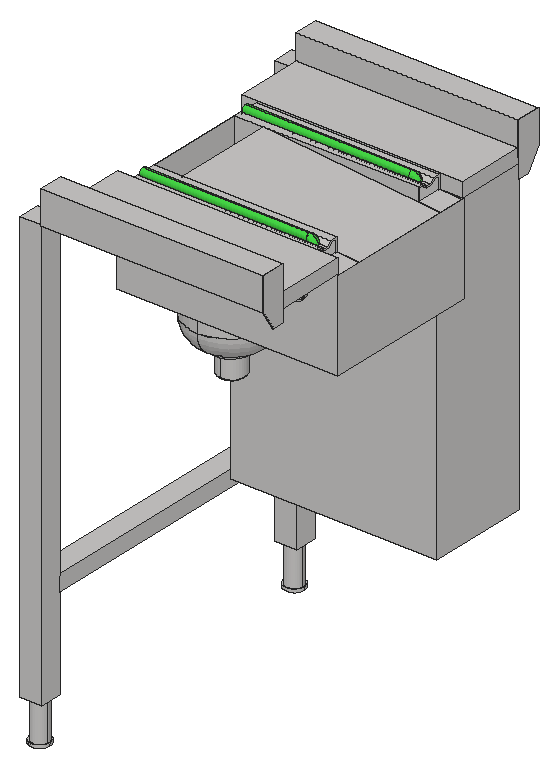
Revit family "QF_ELECTROLUXPROFESSIONAL_863168_HSBCCDURL4", category Specialty Equipment, Revit 2018
Family settings
  Round Connector Dimension = Use Diameter
  Part Type = Normal
  Work Plane-Based = No
  Always vertical = Yes
  Cut with Voids When Loaded = No
  Shared = No
  Room Calculation Point = No
Parameters (values of type "QF_ELECTROLUX_863168_HSBCCDURL4")
  Weight = 40.00 kg
  Watts = 27.8709 W
  Volts = 230 V
  URL Manufacturer = "http://professional.electrolux.com"
  URL = "http://professional.electrolux.com"
  Steam Supply Size = 0 mm
  Steam Supply Minimum Pressure = 0.0 Pa
  Steam Supply Maximum Pressure = 0.0 Pa
  Steam Pounds per Hour = 0
  Refrigeration Suction Line Size = 0 mm
  Refrigeration Liquid Line Size = 0 mm
  Refrigerant Compressor Remote = yes
  Manufacturer = "Electrolux"
  Phase = 1
  Model = "HSBCCDURL4"
  Length Actual = 400 mm  # constant formula
  Item Number = "863168"
  Hot Water Size = 0 mm
  Height Actual = 910 mm  # constant formula
  HP = "0.4 HP"
  Gas Size = 0 mm
  Gas KW = 0
  Gas Input Pressure = 0 W
  Description = "DRIVE UNIT OF CORD CONVEYOR FOR BASKETS, RIGHT>LEFT OPERATION"
  Depth Actual = 620 mm  # constant formula
  Cycle = 60 Hz
  Condensate Return Size = 0 mm
  Compressed Air Volume = 0.0 L/s
  Compressed Air Size = 0 mm
  Compressed Air Pressure = 0.0 Pa
  Cold Water Size = 0 mm
  Accessory = yes
Types (2, lengths in mm): name | URL | Manufacturer | Phase | Model | Description
  (no name) | 0 | 0 | 0 | 0 | 0
  QF_ELECTROLUX_863168_HSBCCDURL4 | "http://professional.electrolux.com" | "Electrolux" | 1 | "HSBCCDURL4" | "DRIVE UNIT OF CORD CONVEYOR FOR BASKETS, RIGHT>LEFT OPERATION"
Values of the unnamed type that differ from the named types
  Watts = 0 W
  Volts = 0 V
  URL Manufacturer = ""
  Item Number = ""
  HP = ""
  Cycle = 0 Hz
Reference planes
  plane 1 "Centro (Fronte/Retro)": y = 74.737
  plane 2: z = 0
  plane 3 "LEFT": x = -1038.761
  plane 4 "BACK": y = 384.737
  plane 5 "FRONT": y = -235.263
  plane 6: z = 910
  plane 7 "RIGHT": x = -638.761
Forms (mm)
  Extrusion 1, solid, material "QF_Finishes_Stainless Steel"
    sketch origin (0, 74.737, -30) x (1, 0, 0) y (0, 0, -1)
      loop
        line (-1079.929, -300) -> (-1039.929, -300) -> (-1039.929, -270) -> (-1079.929, -270) -> (-1079.929, -300)
    from -266.504 to 266.46
  Extrusion 2, solid, material "QF_Finishes_Stainless Steel"
    sketch origin (11.239, 149.474, 0) x (0, -1, 0) y (0, 0, -1)
      loop
        line (-235.263, -910) -> (-190.242, -910) -> (-190.242, -850.033) -> (-235.263, -850.033) -> (-235.263, -910)
      loop
        line (384.737, -910) -> (384.737, -850.033) -> (339.716, -850.033) -> (339.716, -910) -> (384.737, -910)
    from -1051.168 to -651.2
  Extrusion 3, solid, material "QF_Finishes_Stainless Steel"
    sketch origin (11.239, 149.474, 0) x (0, -1, 0) y (0, 0, -1)
      loop
        line (-66.554, -838.074) -> (-65.069, -838.074) -> (-65.069, -678) -> (214.543, -678) -> (214.543, -838.074) -> (216.072, -838.074) -> (216.072, -675) -> (-66.554, -675) -> (-66.554, -838.074)
    from -1048.8 to -651.2
  Extrusion 4, solid, material "QF_Finishes_Stainless Steel"
    sketch origin (661.239, -573.779, 4000) x (0, -1, 0) y (0, 0, -1)
      loop
        line (-958.516, 3090) -> (-913.495, 3090) -> (-913.495, 3185.632) -> (-934.752, 3185.632) -> (-958.516, 3149.967) -> (-958.516, 3090)
      loop
        line (-338.516, 3090) -> (-338.516, 3149.967) -> (-362.281, 3185.632) -> (-383.538, 3185.632) -> (-383.538, 3090) -> (-338.516, 3090)
      loop
        line (-789.808, 3325) -> (-789.808, 3163.769) -> (-507.182, 3163.769) -> (-507.182, 3325) -> (-789.808, 3325)
    from -1300 to -1301.2
  Revolve 5, solid, material "QF_Finishes_Stainless Steel"
    sketch origin (-943.761, 149.474, 56.967) x (0, -1, 0) y (0, 0, -1)
      loop
        line (74.737, -618.033) -> (74.737, -454.059) -> (52.727, -454.059) -> (51.25, -455.535) -> (51.25, -491.407) -> (37.487, -497.398) -> (36.296, -500.684) -> (36.296, -503.17)
        arc (36.296, -503.17) -> (8.91, -520.632) -> (-1.756, -551.31) r 49.497
        line (-1.756, -551.31) -> (-1.756, -594.125) -> (0.351, -594.125)
        arc (0.351, -594.125) -> (3.64, -597.973) -> (0.354, -601.823) r 3.897
        line (0.354, -601.823) -> (-1.756, -601.823) -> (-1.756, -618.033) -> (74.737, -618.033)
      axis (74.737, -454.059) -> (74.737, -618.033)
    angle from 0 to 360
  Extrusion 6, solid, material "QF_Finishes_Stainless Steel"
    sketch origin (-537.561, -573.779, 4000) x (0, -1, 0) y (0, 0, -1)
      loop
        line (-788.322, 3161.926) -> (-508.711, 3161.926) -> (-508.711, 3325) -> (-788.322, 3325) -> (-788.322, 3161.926)
    from -500 to -501.2
  Extrusion 7, solid, material "QF_Finishes_Stainless Steel"
    sketch origin (-638.761, -573.779, 4000) x (0, -1, 0) y (0, 0, -1)
      loop
        line (-554.766, 3322) -> (-556.766, 3322) -> (-556.766, 3137.426) -> (-543.938, 3137.426) -> (-536.867, 3144.497) -> (-528.61, 3144.497) -> (-521.539, 3137.426) -> (-508.711, 3137.426) -> (-508.711, 3322) -> (-510.711, 3322) -> (-510.711, 3139.426) -> (-520.711, 3139.426) -> (-527.782, 3146.497) -> (-537.695, 3146.497) -> (-544.766, 3139.426) -> (-554.766, 3139.426) -> (-554.766, 3322)
    from -42.135 to -372.107
  Extrusion 8, solid, material "QF_Finishes_Stainless Steel"
    sketch origin (-638.761, 723.253, 4000) x (0, 1, 0) y (0, 0, 1)
      loop
        line (-554.766, -3322) -> (-554.766, -3139.426) -> (-544.766, -3139.426) -> (-537.695, -3146.497) -> (-527.782, -3146.497) -> (-520.711, -3139.426) -> (-510.711, -3139.426) -> (-510.711, -3322) -> (-508.711, -3322) -> (-508.711, -3137.426) -> (-521.539, -3137.426) -> (-528.61, -3144.497) -> (-536.867, -3144.497) -> (-543.938, -3137.426) -> (-556.766, -3137.426) -> (-556.766, -3322) -> (-554.766, -3322)
    from -42.135 to -372.107
  Sweep 9, solid, material "QF_Finishes_Green"
    path origin (0, -19.013, 0) x (1, 0, 0) y (0, 0, -1)
      loop
        line (-1010.868, -858.082) -> (-710.868, -858.082)
        arc (-710.868, -858.082) -> (-706.488, -853.703) -> (-710.868, -849.324) r 4.379
        line (-710.868, -849.324) -> (-1010.868, -849.324)
    profile origin (-860.868, -19.013, 858.082) x (0, 0, -1) y (0, 1, 0)
      loop
        circle (-4.375, -21.875) r 7
  Extrusion 10, solid, material "QF_Finishes_Stainless Steel"
    sketch origin (0, 149.474, 0) x (1, 0, 0) y (0, 1, 0)
      loop
        line (-639.961, 190.242) -> (-1037.561, 190.242) -> (-1037.561, 65.069) -> (-639.961, 65.069) -> (-639.961, 190.242)
    from 838.074 to 864.923
  Extrusion 11, solid, material "QF_Finishes_Stainless Steel"
    sketch origin (0, 0, 0) x (1, 0, 0) y (0, 1, 0)
      loop
        line (-639.961, -190.242) -> (-639.961, -65.069) -> (-1037.561, -65.069) -> (-1037.561, -190.242) -> (-639.961, -190.242)
    from 838.074 to 864.923
  Extrusion 12, solid, material "QF_Finishes_Stainless Steel"
    sketch origin (-638.761, 166.487, 621.033) x (0, 0, 1) y (-1, 0, 0)
      loop
        line (241.541, 320.794) -> (238.531, 320.794) -> (211.77, 1.2) -> (214.781, 1.2) -> (241.541, 320.794)
    from 0 to 183.5
  Extrusion 13, solid, material "QF_Finishes_Stainless Steel"
    sketch origin (-638.761, -17.013, 621.033) x (0, 0, 1) y (-1, 0, 0)
      loop
        line (218.209, 42.135) -> (215.198, 42.135) -> (211.77, 1.2) -> (214.781, 1.2) -> (218.209, 42.135)
    from 0 to 48.056
  Extrusion 14, solid, material "QF_Finishes_Stainless Steel"
    sketch origin (-638.761, 166.487, 621.033) x (0, 0, 1) y (1, 0, 0)
      loop
        line (218.209, -42.135) -> (214.781, -1.2) -> (211.77, -1.2) -> (215.198, -42.135) -> (218.209, -42.135)
    from 0 to 48.056
  Sweep 15, solid, material "QF_Finishes_Green"
    path origin (0, 168.487, 0) x (1, 0, 0) y (0, 0, 1)
      loop
        line (-1010.868, 858.082) -> (-710.868, 858.082)
        arc (-710.868, 858.082) -> (-706.488, 853.703) -> (-710.868, 849.324) r 4.379
        line (-710.868, 849.324) -> (-1010.868, 849.324)
    profile origin (-860.868, 168.487, 858.082) x (0, 0, 1) y (0, -1, 0)
      loop
        circle (4.375, -21.875) r 7
  Extrusion 16, solid, material "QF_Finishes_Stainless Steel"
    sketch origin (-1079.929, 381.245, 850.033) x (0, 0, -1) y (0, -1, 0)
      loop
        line (570.033, 40) -> (570.033, 225) -> (175.033, 225) -> (175.033, 165.216) -> (11.959, 165.216) -> (11.959, 40) -> (570.033, 40)
    from -439.968 to -69.061
  Extrusion 17, solid, material "QF_Finishes_Stainless Steel"
    sketch origin (11.239, -66.598, 862.626) x (0, 0, -1) y (1, 0, 0)
      loop
        circle (71.992, -765.403) r 30
      loop
        circle (71.992, -765.403) r 27.49
    from 0 to 14.167
  Extrusion 18, solid, material "QF_Finishes_Stainless Steel"
    sketch origin (11.239, -66.598, 862.626) x (0, 0, -1) y (1, 0, 0)
      loop
        circle (73.488, -764.98) r 15
      loop
        circle (73.488, -764.98) r 12.291
    from 0 to 22.028
  Extrusion 19, solid, material "QF_Finishes_Stainless Steel"
    sketch origin (-638.761, -65.069, 621.033) x (0, 0, -1) y (1, 0, 0)
      loop
        circle (-168.106, -114.98) r 12.291
    from 0 to 21.577
  Extrusion 20, solid, material "QF_Finishes_Stainless Steel"
    sketch origin (-638.761, -65.069, 621.033) x (0, 0, -1) y (1, 0, 0)
      loop
        line (-180.095, -64.916) -> (-197.043, -103.28)
        arc (-197.043, -103.28) -> (-198.955, -109.208) -> (-199.601, -115.403) r 30
        arc (-199.601, -115.403) -> (-198.969, -121.638) -> (-197.098, -127.619) r 31.053
        line (-197.098, -127.619) -> (-180.095, -165.889)
        arc (-180.095, -165.889) -> (-168.731, -173.275) -> (-157.367, -165.889) r 12.435
        line (-157.367, -165.889) -> (-140.364, -127.619)
        arc (-140.364, -127.619) -> (-138.493, -121.638) -> (-137.86, -115.403) r 31.053
        arc (-137.86, -115.403) -> (-138.507, -109.208) -> (-140.419, -103.28) r 30
        line (-140.419, -103.28) -> (-157.367, -64.916)
        arc (-157.367, -64.916) -> (-168.731, -57.53) -> (-180.095, -64.916) r 12.435
      loop
        line (-198.872, -128.334) -> (-181.923, -166.701)
        arc (-181.923, -166.701) -> (-168.731, -175.275) -> (-155.539, -166.701) r 14.435
        line (-155.539, -166.701) -> (-138.531, -128.418)
        arc (-138.531, -128.418) -> (-136.535, -122.046) -> (-135.86, -115.403) r 33.053
        arc (-135.86, -115.403) -> (-136.55, -108.795) -> (-138.59, -102.472) r 32
        line (-138.59, -102.472) -> (-155.538, -64.106)
        arc (-155.538, -64.106) -> (-168.731, -55.53) -> (-181.924, -64.106) r 14.435
        line (-181.924, -64.106) -> (-198.872, -102.472)
        arc (-198.872, -102.472) -> (-200.912, -108.795) -> (-201.601, -115.403) r 32
        arc (-201.601, -115.403) -> (-200.912, -122.011) -> (-198.872, -128.334) r 32
    from 1.529 to 6.738
  Extrusion 21, solid, material "QF_Finishes_Stainless Steel"
    sketch origin (-638.761, -65.069, 621.033) x (0, 0, -1) y (1, 0, 0)
      loop
        circle (-168.731, -69.965) r 12.435
      loop
        circle (-168.731, -160.84) r 12.435
    from 1.529 to 6.738
Lines and regions (mm)
  Split face 1
    outline origin (-639.961, 214.543, 678) x (-1, 0, 0) y (0, -1, 0)
      loop
        circle (303.8, 139.806) r 74.384
  Split face 2
    outline origin (-639.961, 214.543, 678) x (-1, 0, 0) y (0, -1, 0)
      loop
        circle (303.8, 139.806) r 54.384
  Split face 3
    outline origin (-639.961, 214.543, 678) x (-1, 0, 0) y (0, -1, 0)
      loop
        circle (303.8, 139.806) r 34.384
  Split face 4
    outline origin (-639.961, 214.543, 678) x (-1, 0, 0) y (0, -1, 0)
      loop
        circle (303.8, 139.806) r 14.384
  symbolic lines
    curve 1: line (-638.761, -235.263, 0) -> (-1038.761, -235.263, 0)
    curve 2: line (-1038.761, -235.263, 0) -> (-1038.761, 384.737, 0)
    curve 3: line (-1038.761, -190.242, 0) -> (-638.761, -190.242, 0)
    curve 4: line (-1038.761, 384.737, 0) -> (-638.761, 384.737, 0)
    curve 5: line (-638.761, 384.737, 0) -> (-638.761, 212.543, 0)
    curve 6: line (-638.761, 339.716, 0) -> (-1038.761, 339.716, 0)
    curve 7: line (-638.761, 74.737, 0) -> (-668.761, 74.737, 0)
    curve 8: line (-1038.761, 74.737, 0) -> (-1008.761, 74.737, 0)
    curve 9: arc (-959.555, 149.582, 0) -> (-1020.254, 74.737, 0) -> (-959.555, -0.108, 0) r 76.494
    curve 10: arc (-959.555, 59.408, 0) -> (-965.771, 74.737, 0) -> (-959.555, 90.066, 0) r 22.01
    curve 11: line (-639.961, -63.069, 0) -> (-638.761, -63.069, 0)
    curve 12: line (-639.961, -65.069, 0) -> (-1038.761, -65.069, 0)
    curve 13: line (-1010.868, -65.069, 0) -> (-1010.868, -17.013, 0)
    curve 14: line (-1010.868, -17.013, 0) -> (-639.961, -17.013, 0)
    curve 15: line (-639.961, -17.013, 0) -> (-639.961, -65.069, 0)
    curve 16: line (-954.961, -47.888, 0) -> (-639.961, -47.888, 0)
    curve 17: line (-954.961, -33.888, 0) -> (-639.961, -33.888, 0)
    curve 18: arc (-954.961, -47.888, 0) -> (-959.911, -45.838, 0) -> (-961.961, -40.888, 0) r 7
    curve 19: arc (-961.961, -40.888, 0) -> (-959.911, -35.938, 0) -> (-954.961, -33.888, 0) r 7
    curve 20: line (-638.761, -19.013, 0) -> (-639.961, -19.013, 0)
    curve 21: line (-638.761, 168.487, 0) -> (-638.761, -19.013, 0)
    curve 22: line (-639.961, 212.543, 0) -> (-638.761, 212.543, 0)
    curve 23: line (-639.961, 214.543, 0) -> (-1010.868, 214.543, 0)
    curve 24: line (-1010.868, 214.543, 0) -> (-1010.868, 166.487, 0)
    curve 25: line (-1038.761, 166.487, 0) -> (-639.961, 166.487, 0)
    curve 26: line (-639.961, 166.487, 0) -> (-639.961, 214.543, 0)
    curve 27: line (-954.961, 197.362, 0) -> (-639.961, 197.362, 0)
    curve 28: line (-954.961, 183.362, 0) -> (-639.961, 183.362, 0)
    curve 29: arc (-954.961, 197.362, 0) -> (-959.911, 195.312, 0) -> (-961.961, 190.362, 0) r 7
    curve 30: arc (-961.961, 190.362, 0) -> (-959.911, 185.412, 0) -> (-954.961, 183.362, 0) r 7
    curve 31: line (-638.761, 168.487, 0) -> (-639.961, 168.487, 0)
    curve 32: line (-638.761, -63.069, 0) -> (-638.761, -235.263, 0)
    curve 33: line (-959.555, -17.013, 0) -> (-959.555, 166.487, 0)
Dimensions and locks
  plane 3 "LEFT" to plane 7 "RIGHT" = 400 mm
  equal spacing: plane 4 "BACK", plane 1 "Centro (Fronte/Retro)", plane 5 "FRONT"
  plane 4 "BACK" to plane 5 "FRONT" = 620 mm
  plane 6 to level = 910 mm
  aligned and locked: level to plane 2
Automatic sketch dimensions
  curve 9 to curve 10 = 0 mm  (x2)
  curve 18 to curve 19 = 0 mm  (x2)
  curve 29 to curve 30 = 0 mm  (x2)
  curve 25 to plane 3 "LEFT" = 0 mm
  plane 1 "Centro (Fronte/Retro)" to curve 8 = 0 mm
  plane 1 "Centro (Fronte/Retro)" to curve 9 = 0 mm
  plane 1 "Centro (Fronte/Retro)" to curve 7 = 0 mm
  curve 11 to plane 7 "RIGHT" = 0 mm
  curve 22 to plane 7 "RIGHT" = 0 mm
  curve 21 to plane 7 "RIGHT" = 0 mm
  curve 1 to plane 5 "FRONT" = 0 mm
  curve 2 to plane 4 "BACK" = 0 mm
  plane 3 "LEFT" to curve 24 = 27.893 mm
  plane 3 "LEFT" to curve 13 = 27.893 mm
  curve 24 to curve 28 = 55.907 mm
  curve 13 to curve 16 = 55.907 mm
  plane 3 "LEFT" to curve 9 = 95 mm
  curve 15 to plane 7 "RIGHT" = 1.2 mm
  curve 23 to plane 7 "RIGHT" = 1.2 mm
  plane 1 "Centro (Fronte/Retro)" to curve 15 = 139.806 mm
  curve 12 to curve 11 = 2 mm
  curve 13 to curve 16 = 17.181 mm
  curve 16 to curve 19 = 7 mm
  curve 17 to curve 20 = 14.875 mm
  curve 13 to curve 13 = 48.056 mm
  curve 26 to plane 1 "Centro (Fronte/Retro)" = 91.75 mm
  curve 25 to curve 31 = 2 mm
  curve 33 to curve 28 = 16.875 mm
  curve 28 to curve 29 = 7 mm
  curve 27 to curve 5 = 15.181 mm
  curve 22 to curve 23 = 2 mm
  plane 3 "LEFT" to curve 8 = 30 mm
  curve 10 to curve 9 = 15.794 mm
  curve 7 to curve 7 = 30 mm
  curve 1 to curve 3 = 45.021 mm
  curve 33 to curve 9 = 16.905 mm
  plane 1 "Centro (Fronte/Retro)" to curve 10 = 15.329 mm
  curve 6 to plane 4 "BACK" = 45.021 mm
  Extrusion 1 sketch curve to plane 3 "LEFT" = 41.168 mm
  Extrusion 1 sketch curve to plane 3 "LEFT" = 1.168 mm
  level to Extrusion 1 sketch curve = 270 mm
  Extrusion 1 sketch curve to Extrusion 1 sketch curve = 30 mm
  Extrusion 2 sketch curve to plane 4 "BACK" = 0 mm
  Extrusion 2 sketch curve to plane 6 = 0 mm  (x2)
  Extrusion 2 sketch curve to plane 5 "FRONT" = 0 mm
  Extrusion 2 sketch curve to plane 4 "BACK" = 45.021 mm
  plane 5 "FRONT" to Extrusion 2 sketch curve = 45.021 mm
  Extrusion 2 sketch curve to Extrusion 2 sketch curve = 59.967 mm  (x2)
  Extrusion 3 sketch curve to plane 1 "Centro (Fronte/Retro)" = 141.292 mm
  Extrusion 3 sketch curve to Extrusion 3 sketch curve = 1.486 mm
  plane 1 "Centro (Fronte/Retro)" to Extrusion 3 sketch curve = 139.806 mm
  Extrusion 3 sketch curve to Extrusion 3 sketch curve = 1.529 mm
  Extrusion 3 sketch curve to plane 6 = 71.926 mm  (x2)
  Extrusion 3 sketch curve to Extrusion 3 sketch curve = 160.074 mm
  Extrusion 3 sketch curve to Extrusion 3 sketch curve = 3 mm
  Extrusion 4 sketch curve to plane 4 "BACK" = 0 mm
  Extrusion 4 sketch curve to plane 6 = 0 mm  (x2)
  Extrusion 4 sketch curve to plane 5 "FRONT" = 0 mm
  Extrusion 4 sketch curve to plane 4 "BACK" = 23.764 mm
  Extrusion 4 sketch curve to plane 4 "BACK" = 45.021 mm
  Extrusion 4 sketch curve to Extrusion 4 sketch curve = 123.687 mm
  plane 1 "Centro (Fronte/Retro)" to Extrusion 4 sketch curve = 141.335 mm
  plane 5 "FRONT" to Extrusion 4 sketch curve = 45.021 mm
  Extrusion 4 sketch curve to Extrusion 4 sketch curve = 21.257 mm
  Extrusion 4 sketch curve to Extrusion 4 sketch curve = 59.967 mm  (x2)
  Extrusion 4 sketch curve to plane 6 = 73.769 mm
  Extrusion 4 sketch curve to Extrusion 4 sketch curve = 35.665 mm  (x2)
  Extrusion 4 sketch curve to Extrusion 4 sketch curve = 161.231 mm
  Revolve 5 sketch curve to plane 1 "Centro (Fronte/Retro)" = 0 mm  (x2)
  Revolve 5 sketch curve to plane 1 "Centro (Fronte/Retro)" = 22.01 mm
  Revolve 5 sketch curve to plane 1 "Centro (Fronte/Retro)" = 23.487 mm
  Revolve 5 sketch curve to plane 1 "Centro (Fronte/Retro)" = 26.996 mm
  Revolve 5 sketch curve to Revolve 5 sketch curve = 13.764 mm
  Revolve 5 sketch curve to Revolve 5 sketch curve = 1.191 mm
  Revolve 5 sketch curve to Revolve 5 sketch curve = 47.387 mm
  Revolve 5 sketch curve to Revolve 5 sketch curve = 0.003 mm
  Revolve 5 sketch curve to Revolve 5 sketch curve = 0.61 mm
  Revolve 5 sketch curve to Revolve 5 sketch curve = 2.107 mm
  Revolve 5 sketch curve to Revolve 5 sketch curve = 2.11 mm
  Revolve 5 sketch curve to plane 6 = 235 mm
  Revolve 5 sketch curve to Revolve 5 sketch curve = 16.21 mm
  Revolve 5 sketch curve to Revolve 5 sketch curve = 3.849 mm
  Revolve 5 sketch curve to Revolve 5 sketch curve = 42.799 mm
  Revolve 5 sketch curve to Revolve 5 sketch curve = 42.815 mm
  Revolve 5 sketch curve to Revolve 5 sketch curve = 2.486 mm
  Revolve 5 sketch curve to Revolve 5 sketch curve = 3.286 mm
  Revolve 5 sketch curve to Revolve 5 sketch curve = 5.991 mm
  Revolve 5 sketch curve to Revolve 5 sketch curve = 35.872 mm
  Revolve 5 sketch curve to Revolve 5 sketch curve = 1.476 mm
  Revolve 5 sketch curve to Revolve 5 sketch curve = 3 mm
  Revolve 5 sketch curve to Revolve 5 sketch curve = 14.991 mm
  Extrusion 6 sketch curve to plane 1 "Centro (Fronte/Retro)" = 139.806 mm
  plane 1 "Centro (Fronte/Retro)" to Extrusion 6 sketch curve = 139.806 mm
  Extrusion 6 sketch curve to plane 6 = 71.926 mm
  Extrusion 6 sketch curve to Extrusion 6 sketch curve = 163.074 mm
  Extrusion 7 sketch curve to Extrusion 4 = 3 mm  (x2)
  Extrusion 7 sketch curve to Extrusion 4 = 49.585 mm
  Extrusion 7 sketch curve to Extrusion 7 sketch curve = 2 mm  (x4)
  Extrusion 7 sketch curve to Extrusion 7 sketch curve = 10 mm
  Extrusion 7 sketch curve to Extrusion 7 sketch curve = 0.828 mm  (x4)
  Extrusion 7 sketch curve to Extrusion 7 sketch curve = 7.071 mm  (x3)
  Extrusion 7 sketch curve to Extrusion 7 sketch curve = 8.257 mm
  Extrusion 7 sketch curve to Extrusion 4 = 3.529 mm
  Extrusion 7 sketch curve to Extrusion 4 = 1.529 mm
  Extrusion 4 to Extrusion 7 sketch curve = 17.272 mm
  Extrusion 7 sketch curve to Extrusion 7 sketch curve = 5.071 mm
  Extrusion 8 sketch curve to Extrusion 4 = 3 mm  (x2)
  Extrusion 8 sketch curve to Extrusion 4 = 49.542 mm
  Extrusion 8 sketch curve to Extrusion 8 sketch curve = 2 mm  (x4)
  Extrusion 8 sketch curve to Extrusion 8 sketch curve = 10 mm
  Extrusion 8 sketch curve to Extrusion 8 sketch curve = 0.828 mm  (x4)
  Extrusion 8 sketch curve to Extrusion 8 sketch curve = 7.071 mm  (x3)
  Extrusion 8 sketch curve to Extrusion 8 sketch curve = 8.257 mm
  Extrusion 8 sketch curve to Extrusion 4 = 3.486 mm
  Extrusion 8 sketch curve to Extrusion 4 = 1.486 mm
  Extrusion 4 to Extrusion 8 sketch curve = 17.272 mm
  Extrusion 8 sketch curve to Extrusion 8 sketch curve = 5.071 mm
  Sweep 9 sketch curve to plane 7 "RIGHT" = 72.107 mm
  Sweep 9 sketch curve to plane 6 = 51.918 mm
  Sweep 9 sketch curve to Sweep 9 sketch curve = 4.379 mm
  plane 3 "LEFT" to Sweep 9 sketch curve = 27.893 mm
  Sweep 9 sketch curve to Sweep 9 sketch curve = 0 mm
  profile plane to Sweep 9 sketch curve = 4.375 mm
  Sweep 9 sketch curve to profile plane = 21.875 mm
  Extrusion 10 sketch curve to plane 3 "LEFT" = 1.2 mm
  plane 7 "RIGHT" to Extrusion 10 sketch curve = 1.2 mm
  plane 4 "BACK" to Extrusion 10 sketch curve = 45.021 mm
  Extrusion 10 sketch curve to Extrusion 10 sketch curve = 125.173 mm
  plane 3 "LEFT" to Extrusion 11 sketch curve = 1.2 mm
  Extrusion 11 sketch curve to plane 7 "RIGHT" = 1.2 mm
  plane 5 "FRONT" to Extrusion 11 sketch curve = 45.021 mm
  Extrusion 11 sketch curve to Extrusion 11 sketch curve = 125.173 mm
  Extrusion 12 sketch curve to Extrusion 8 = 0 mm
  Extrusion 8 to Extrusion 12 sketch curve = 3.01 mm
  Extrusion 8 to Extrusion 12 sketch curve = 26.76 mm
  Extrusion 12 sketch curve to Extrusion 12 sketch curve = 3.01 mm
  Extrusion 12 sketch curve to Extrusion 8 = 40.935 mm
  Extrusion 8 to Extrusion 12 sketch curve = 51.312 mm
  Extrusion 12 to Extrusion 13 sketch curve = 0 mm  (x2)
  Extrusion 13 sketch curve to Extrusion 12 = 0 mm  (x3)
  Extrusion 13 sketch curve to Extrusion 12 = 40.935 mm
  Extrusion 14 sketch curve to plane 7 "RIGHT" = 1.2 mm
  Extrusion 14 sketch curve to plane 6 = 77.197 mm
  Extrusion 14 sketch curve to Extrusion 14 sketch curve = 3.01 mm  (x2)
  Extrusion 14 sketch curve to Extrusion 14 sketch curve = 0.417 mm
  Extrusion 14 sketch curve to Extrusion 14 sketch curve = 40.935 mm
  Sweep 15 sketch curve to plane 7 "RIGHT" = 72.107 mm
  Sweep 15 sketch curve to plane 6 = 60.676 mm
  Sweep 15 sketch curve to Sweep 15 sketch curve = 4.379 mm
  plane 3 "LEFT" to Sweep 15 sketch curve = 27.893 mm
  Sweep 15 sketch curve to Sweep 15 sketch curve = 0 mm
  Sweep 15 sketch curve to profile plane = 4.375 mm
  Sweep 15 sketch curve to profile plane = 21.875 mm
  Extrusion 16 sketch curve to nested 2 = 0 mm
  nested 2 to Extrusion 16 sketch curve = 11.959 mm
  Extrusion 16 sketch curve to Extrusion 16 sketch curve = 163.074 mm
  nested 2 to Extrusion 16 sketch curve = 205 mm
  nested 2 to Extrusion 16 sketch curve = 125.216 mm
  Extrusion 16 sketch curve to Extrusion 16 sketch curve = 185 mm
  Split face 1 sketch curve to Split face 1 sketch curve = 0 mm  (x2)
  Split face 1 sketch curve to Extrusion 3 = 93.8 mm
  Extrusion 3 to Split face 1 sketch curve = 139.806 mm
  Extrusion 3 to Split face 1 sketch curve = 65.422 mm
  Split face 2 sketch curve to Split face 2 sketch curve = 0 mm  (x2)
  Split face 2 sketch curve to Extrusion 3 = 93.8 mm
  Extrusion 3 to Split face 2 sketch curve = 139.806 mm
  Split face 2 sketch curve to Split face 2 sketch curve = 54.384 mm
  Split face 3 sketch curve to Split face 3 sketch curve = 0 mm  (x2)
  Split face 3 sketch curve to Extrusion 3 = 93.8 mm
  Extrusion 3 to Split face 3 sketch curve = 139.806 mm
  Split face 3 sketch curve to Split face 3 sketch curve = 34.384 mm
  Split face 4 sketch curve to Split face 4 sketch curve = 0 mm  (x2)
  Split face 4 sketch curve to Extrusion 3 = 93.8 mm
  Extrusion 3 to Split face 4 sketch curve = 139.806 mm
  Split face 4 sketch curve to Split face 4 sketch curve = 14.384 mm
  Extrusion 17 sketch curve to Extrusion 17 sketch curve = 0 mm  (x2)
  Extrusion 17 sketch curve to Extrusion 3 = 47.44 mm
  Extrusion 3 to Extrusion 17 sketch curve = 114.203 mm
  Extrusion 18 sketch curve to Extrusion 18 sketch curve = 0 mm  (x2)
  Extrusion 18 sketch curve to Extrusion 3 = 48.935 mm
  Extrusion 3 to Extrusion 18 sketch curve = 113.78 mm
  Extrusion 19 sketch curve to Extrusion 19 sketch curve = 0 mm  (x2)
  Extrusion 19 sketch curve to Extrusion 7 = 73.435 mm
  Extrusion 7 to Extrusion 19 sketch curve = 72.845 mm
  Extrusion 19 sketch curve to Extrusion 19 sketch curve = 12.291 mm
  Extrusion 20 sketch curve to Extrusion 20 sketch curve = 0 mm  (x16)
  Extrusion 20 sketch curve to Extrusion 7 = 42.669 mm
  Extrusion 20 sketch curve to Extrusion 20 sketch curve = 1.775 mm
  Extrusion 20 sketch curve to Extrusion 20 sketch curve = 1.829 mm  (x3)
  Extrusion 7 to Extrusion 20 sketch curve = 21.971 mm  (x2)
  Extrusion 20 sketch curve to Extrusion 20 sketch curve = 16.949 mm
  Extrusion 20 sketch curve to Extrusion 20 sketch curve = 15.175 mm
  Extrusion 20 sketch curve to Extrusion 20 sketch curve = 1.828 mm  (x2)
  Extrusion 7 to Extrusion 20 sketch curve = 22.781 mm  (x2)
  Extrusion 20 sketch curve to Extrusion 20 sketch curve = 27.441 mm  (x2)
  Extrusion 20 sketch curve to Extrusion 20 sketch curve = 0.688 mm  (x2)
  Extrusion 20 sketch curve to Extrusion 20 sketch curve = 11.364 mm  (x3)
  Extrusion 20 sketch curve to Extrusion 20 sketch curve = 0.365 mm
  Extrusion 20 sketch curve to Extrusion 20 sketch curve = 0.055 mm
  Extrusion 20 sketch curve to Extrusion 20 sketch curve = 1.833 mm
  Extrusion 20 sketch curve to Extrusion 20 sketch curve = 5.049 mm  (x2)
  Extrusion 20 sketch curve to Extrusion 20 sketch curve = 38.365 mm  (x2)
  Extrusion 20 sketch curve to Extrusion 20 sketch curve = 0.808 mm  (x2)
  Extrusion 20 sketch curve to Extrusion 20 sketch curve = 12.123 mm
  Extrusion 20 sketch curve to Extrusion 20 sketch curve = 0.715 mm
  Extrusion 20 sketch curve to Extrusion 20 sketch curve = 12.216 mm
  Extrusion 20 sketch curve to Extrusion 20 sketch curve = 0.8 mm
  Extrusion 20 sketch curve to Extrusion 20 sketch curve = 33.221 mm
  Extrusion 20 sketch curve to Extrusion 20 sketch curve = 0.812 mm
  Extrusion 21 sketch curve to Extrusion 7 = 72.81 mm  (x2)
  Extrusion 7 to Extrusion 21 sketch curve = 27.83 mm
  Extrusion 21 sketch curve to Extrusion 21 sketch curve = 90.875 mm
  radius of Sweep 9 sketch curve = 7 mm
  radius of Sweep 15 sketch curve = 7 mm
  radius of Extrusion 17 sketch curve = 30 mm
  radius of Extrusion 17 sketch curve = 27.49 mm
  radius of Extrusion 18 sketch curve = 15 mm
  radius of Extrusion 18 sketch curve = 12.291 mm
  radius of Extrusion 21 sketch curve = 12.435 mm  (x2)
Nested families
  nested 1: "Foot_40x40" at (-1059.929, -211.771, 0), type "Foot_40x40"
    with A 850.033 mm
  nested 2: "Foot_40x40" at (-1059.929, 361.245, 0), type "Foot_40x40"
    with A 850.033 mm
Connectors
  piping at (-943.761, 74.737, 511.026), diameter 40
    settings: on Revolve 5, index 1, connector inside diameter 609.6 mm, connector length 0 mm, flow factor 0, pipe flow 0.0 L/s, pressure drop 0.0 Pa, fitting loss kfactor 0, connector angle 0.00°, fixture units 0, engagement length 0 mm, angle of deflection 0.00°, flow configuration 1, flow direction 2, fitting loss method 0, system type 7, joint type 0, gender type 0, connector reference index -1, connector utility 0, adjustable connector no, is connector primary yes, connector description "DRAIN"
Definition of nested family "Foot_40x40"
  Parameters
    A [instance] = 850 mm
  Reference planes
    plane 1 "Centro (Fronte/Retro)": y = 0
    plane 2: z = 0
    plane 3 "Centro (Sinistra/Destra)": x = 0
    plane 4: z = 850
  Forms (mm)
    Extrusion 1, solid
      sketch origin (0, 0, 0) x (1, 0, 0) y (0, 1, 0)
        loop
          circle (0, 0) r 18
      from 0 to 5
    Extrusion 2, solid
      sketch origin (0, 0, 5) x (1, 0, 0) y (0, 1, 0)
        loop
          circle (0, 0) r 15
      from 0 to 70
    Extrusion 3, solid
      sketch origin (0, 0, 75) x (1, 0, 0) y (0, 1, 0)
        loop
          line (-20, 20) -> (-20, -20) -> (20, -20) -> (20, 20) -> (-20, 20)
      from 0 to 775
  Dimensions and locks
    "A": plane 4 to plane 2
    aligned and locked: level to plane 2
    aligned and locked: plane 4 to Extrusion 3
    aligned and locked: Extrusion 1 to level
  Automatic sketch dimensions
    plane 1 "Centro (Fronte/Retro)" to Extrusion 1 sketch curve = 0 mm
    Extrusion 1 sketch curve to plane 3 "Centro (Sinistra/Destra)" = 0 mm
    Extrusion 3 sketch curve to Extrusion 3 sketch curve = 40 mm  (x2)
    radius of Extrusion 1 sketch curve = 18 mm
    radius of Extrusion 2 sketch curve to Extrusion 1 = 3 mm
